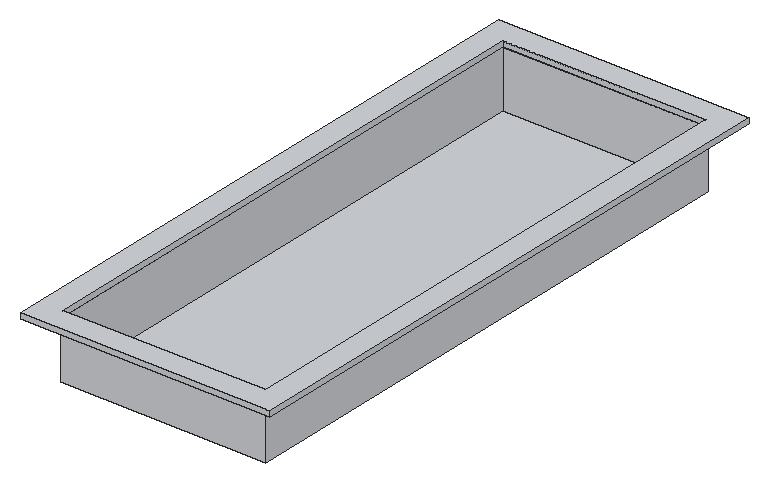
Revit family "Hager-VOLTA-Hollow_wall-Other-Without_Cover-Without_DIN-Hosted-PL-en", category Electrical Equipment, host Face, Revit 2023
Family settings
  Host = Face
  Panel Configuration = Two Columns, Circuits Across
  Round Connector Dimension = Use Diameter
  Part Type = Panelboard
  Cut with Voids When Loaded = No
  Maintain Annotation Orientation = Yes
  Shared = No
  Room Calculation Point = No
Parameters (values of type "VOLTA-Hollow_wall_W348_H880_D98_12_Modular_Spacing-VH60NK")
  Width Control [instance] = if([HG000006-Flush mounted], if([EF000846 - Built-in width] > min_whd, [EF000846 - Built-in width], min_whd), if([EF000008 - Width] > min_whd, ([EF000008 - Width]), min_whd))  # 314 mm
  Void Depth [instance] = if([HG000006-Flush mounted], Depth Control, 1 mm)  # 90 mm
  Uniformat code = "D501001"
  Uniformat = "Low Tension Service & Dist."
  HG000131 - Functional label [instance] = ""
  HG000130 - Functional name [instance] = ""
  HG000099-Onfly Template ID = "507532"
  Type Comments = ""
  System Height [instance] = Height Control - 2 * [HG000005-Thickness]  # 842 mm
  Reference description = ""
  Reference = "VOLTA-Hollow_wall_W348_H880_D98_12_Modular_Spacing-VH60NK"
  Object type = ""
  Name hager = "ADD_Enclosures_EC000214"
  Name BIM&CO = "Electricity"
  Name = "VOLTA-Hollow_wall-Other-Without_Cover-Without_DIN-PL"
  Model = ""
  HGEF002950-Width in number of modular spacings = 12
  HGEF000266-Number of rows = 5
  HG000060-RAL-number = "9010"
  HG000059-Operating voltage [instance] = 230 V
  HG000017-Distance between poles = 18 mm
  HG000016-Door 3D visibility = yes
  HG000015-Clearance visibility = yes
  HG000014-Door on the right = yes
  HG000013-Door on the left = not([HG000014-Door on the right])  # no
  HG000012-Door swing angle = 90.00°
  HG000011-Empty rows from bottom = no
  HG000010-Asymmetric doors = no
  HG000009-Double swing door = no
  HG000008-Number of empty rows = 0
  HG000007-Number of empty columns = 0
  HG000006-Flush mounted = yes
  HG000005-Thickness = 2 mm
  HG000004-Manufacturer reference = "VH60NK"
  HG000003-Range = "VOLTA"
  HG000002-With door or cover = no
  HG000001-Number of columns = 0
  GTIN (Global Trade Item Number) = ""
  ETIM class name = "Small distribution board"
  ETIM class code = "EC000214"
  EF015941 - Signal passing door = no
  EF015777 - Neutral terminal block = no
  EF015776 - Earthing terminal block = no
  EF009212 - Cover model = ""
  EF006306 - With lock = no
  EF006244 - Transparent cover/door = no
  EF005474 - Degree of protection (IP) = "Other"
  EF004464 - Type of door = ""
  EF004462 - Type of closure = "Other"
  EF002950 - Width in number of modular spacings = 12
  EF001596 - Housing material = ""
  EF001134 - DIN-rail = no
  EF001131 - Inner depth = 0 mm
  EF001088 - Extension possible = yes
  EF001062 - EMC-version = no
  EF000846 - Built-in width = 314 mm
  EF000339 - Type of covering = ""
  EF000332 - Built-in height = 846 mm
  EF000266 - Number of rows = 5
  EF000218 - Built-in depth = 90 mm
  EF000118 - With mounting plate = no
  EF000116 - RAL-number = 9010
  EF000049 - Depth = 98 mm
  EF000040 - Height = 880 mm
  EF000024 - UV resistant = no
  EF000008 - Width = 348 mm
  EF000007 - Colour = "White"
  EF000003 - Mounting method = "Hollow wall"
  Creation Date = "12/15/2025 21:47:46"
  Code hager = "ADD-EC000214_EU"
  BIM&CO code = ""
  BC_VARIANT_ID = "1174402"
  BC_OBJECT_VERSION = "#5"  # constant formula
  BC_OBJECT_ID = "513500"  # constant formula
  BC_MODEL_ID = "1547254"  # constant formula
  Arrow Offset [instance] = Depth Control / 8  # 11.25 mm
  Arrow Height [instance] = Depth Control - Arrow Offset  # 78.75 mm
  Host Offset [instance] = if([HG000006-Flush mounted], 0 mm, [EF000049 - Depth])  # 0 mm
  min_whd [instance] = (2 * [HG000005-Thickness]) + 1 mm  # 5 mm
  Manufacturer = "Hager"  # constant formula
  Height Control [instance] = if([HG000006-Flush mounted], if([EF000332 - Built-in height] > min_whd, [EF000332 - Built-in height], min_whd), if([EF000040 - Height] > min_whd, ([EF000040 - Height]), min_whd))  # 846 mm
  Flush Mounted - Door Frame Width [instance] = if(([EF000040 - Height] - [EF000332 - Built-in height]) > 0 mm, if([HG000006-Flush mounted], [EF000040 - Height] - [EF000332 - Built-in height], 0 mm), 0 mm)  # 34 mm
  Depth Control [instance] = if([HG000006-Flush mounted], if([EF000218 - Built-in depth] > 0 mm, [EF000218 - Built-in depth], 1 mm), if([EF000049 - Depth] > 0 mm, ([EF000049 - Depth]), 1 mm))  # 90 mm
  Default Elevation = 0 mm
Types (5, lengths in mm): name | System Height | Reference | HGEF000266-Number of rows | HG000004-Manufacturer reference | EF009212 - Cover model | EF004462 - Type of closure | EF001062 - EMC-version | EF000332 - Built-in height | EF000266 - Number of rows | EF000049 - Depth | EF000040 - Height | EF000008 - Width | BC_VARIANT_ID | Height Control | Flush Mounted - Door Frame Width
  VOLTA-Hollow_wall_W330_H355_D94_12_Modular_Spacing-VH12NK | 342 | "VOLTA-Hollow_wall_W330_H355_D94_12_Modular_Spacing-VH12NK" | 1 | "VH12NK" | "Closed" | "" | yes | 346 | 1 | 94 | 355 | 330 | "1174398" | 346 | 9
  VOLTA-Hollow_wall_W348_H505_D98_12_Modular_Spacing-VH24NK | 467 | "VOLTA-Hollow_wall_W348_H505_D98_12_Modular_Spacing-VH24NK" | 2 | "VH24NK" | "" | "Other" | no | 471 | 2 | 98 | 505 | 348 | "1174399" | 471 | 34
  VOLTA-Hollow_wall_W348_H630_D98_12_Modular_Spacing-VH36NK | 592 | "VOLTA-Hollow_wall_W348_H630_D98_12_Modular_Spacing-VH36NK" | 3 | "VH36NK" | "" | "Other" | no | 596 | 3 | 98 | 630 | 348 | "1174400" | 596 | 34
  VOLTA-Hollow_wall_W348_H755_D98_12_Modular_Spacing-VH48NK | 717 | "VOLTA-Hollow_wall_W348_H755_D98_12_Modular_Spacing-VH48NK" | 4 | "VH48NK" | "" | "Other" | no | 721 | 4 | 98 | 755 | 348 | "1174401" | 721 | 34
  VOLTA-Hollow_wall_W348_H880_D98_12_Modular_Spacing-VH60NK | 842 | "VOLTA-Hollow_wall_W348_H880_D98_12_Modular_Spacing-VH60NK" | 5 | "VH60NK" | "" | "Other" | no | 846 | 5 | 98 | 880 | 348 | "1174402" | 846 | 34
Reference planes
  plane 1 "Center (Front/Back)": y = 0
  plane 2: z = 0
  plane 3 "Center (Left/Right)": x = 0
  plane 4: z = 0
  plane 5: y = 36
  plane 6: z = -5
  plane 7: y = 457
  plane 8: y = 34
  plane 9: y = 880
  plane 10: z = -90
  plane 11: x = -157
  plane 12: x = 157
  plane 13: x = 155
  plane 14: x = -155
  plane 15: y = 878
  plane 16: z = -88
  plane 17: z = -2
  plane 18: z = -90
  plane 19: z = -2
  plane 20 "Annotation H": y = -100
  plane 21 "Annotation V": x = 457
Forms (mm)
  Extrusion 1, solid
    sketch origin (-583.045, 34, 1219.2) x (-1, 0, 0) y (0, 0, 1)
      loop
        line (-426.045, -1219.2) -> (-740.045, -1219.2) -> (-740.045, -1309.2) -> (-426.045, -1309.2) -> (-426.045, -1219.2)
    from 0 to 846 <- "Height Control"
  Extrusion 2, void
    sketch origin (-381.607, -4572, 0) x (0, -1, 0) y (-1, 0, 0)
      loop
        line (-5450, -226.607) -> (-5450, -536.607) -> (-4608, -536.607) -> (-4608, -226.607) -> (-5450, -226.607)
    from 0 to 88
  Extrusion 3, void
    sketch origin (0, 0, 0) x (1, 0, 0) y (0, 1, 0)
      loop
        line (-157, 34) -> (157, 34) -> (157, 880) -> (-157, 880) -> (-157, 34)
    from -90 to 1
  Extrusion 4, solid, detail levels coarse+medium
    sketch origin (-381.607, -4572, 0) x (-1, 0, 0) y (0, -1, 0)
      loop
        line (-226.607, -5450) -> (-226.607, -4608) -> (-536.607, -4608) -> (-536.607, -5450) -> (-226.607, -5450)
    from 0 to -2
Cuts and joins
  Extrusion 2 cuts Extrusion 1
Dimensions and locks
  plane 4 to plane 6 = 5 mm
  "Host Offset": plane 4 to host face
  "Flush Mounted - Door Frame Width": plane 1 "Center (Front/Back)" to plane 8
  "HG000005-Thickness": plane 5 to plane 8
  locked: connector elem to plane 3 "Center (Left/Right)"
  "Height Control": plane 9 to plane 8
  equal spacing: plane 9, plane 7, plane 8
  locked: connector elem to plane 7
  "Depth Control": plane 4 to plane 10
  "HG000005-Thickness": plane 11 to plane 14
  "HG000005-Thickness": plane 12 to plane 13
  equal spacing: plane 11, plane 3 "Center (Left/Right)", plane 12
  "Width Control": plane 11 to plane 12
  "Arrow Offset": nested 4 to plane 10
  "HG000005-Thickness": plane 9 to plane 15
  "HG000005-Thickness": plane 16 to plane 10
  "HG000005-Thickness": plane 4 to plane 17
  "Void Depth": plane 2 to plane 18
  "HG000005-Thickness": plane 4 to plane 19
  locked: plane 20 "Annotation H" to plane 1 "Center (Front/Back)" at 100
  locked: plane 12 to plane 21 "Annotation V" at 300
  aligned and locked: plane 2 to host face
  aligned and locked: level to host face
  aligned and locked: plane 3 "Center (Left/Right)" to nested 2
  aligned and locked: plane 4 to nested 2
  aligned and locked: nested 2 to plane 8
  aligned and locked: nested 1 to plane 6
  aligned and locked: plane 5 to nested 1
  aligned and locked: nested 4 to plane 11
  aligned and locked: nested 3 to plane 4
  aligned and locked: Extrusion 1 sketch curve to plane 12
  aligned and locked: Extrusion 1 sketch curve to plane 11
  aligned and locked: nested 3 to plane 10
  aligned and locked: plane 10 to Extrusion 1 sketch curve
  aligned and locked: plane 5 to Extrusion 2 sketch curve
  aligned and locked: Extrusion 2 sketch curve to plane 15
  aligned and locked: Extrusion 2 sketch curve to plane 14
  aligned and locked: Extrusion 2 sketch curve to plane 13
  aligned and locked: plane 11 to Extrusion 3 sketch curve
  aligned and locked: plane 9 to Extrusion 3 sketch curve
  aligned and locked: Extrusion 3 sketch curve to plane 8
  aligned and locked: plane 12 to Extrusion 3 sketch curve
  aligned and locked: nested 3 to plane 12
  aligned and locked: Extrusion 3 to plane 18
  aligned and locked: Extrusion 2 to plane 16
  aligned and locked: Extrusion 1 sketch curve to plane 4
  aligned and locked: Extrusion 4 to plane 17
  aligned and locked: Extrusion 4 sketch curve to plane 15
  aligned and locked: Extrusion 4 sketch curve to plane 13
  aligned and locked: Extrusion 4 sketch curve to plane 14
  aligned and locked: plane 5 to Extrusion 4 sketch curve
  aligned and locked: nested 5 to plane 21 "Annotation V"
  aligned and locked: plane 20 "Annotation H" to nested 5
Automatic sketch dimensions
  host sketch curve to host sketch curve = 1469.727 mm
  host sketch curve to host sketch curve = 1434.803 mm
Nested families
  nested 1: "Hager_Enclosure_System" at (0, 36, -5) x (1, 0, 0) z (0, 1, 0), Depth <- "HG000005-Thickness", Height <- "System Height", Border <- "HG000005-Thickness", Flush_Mounted <- "HG000006-Flush mounted", Row_Module_Multiplicator <- "HGEF002950-Width in number of modular spacings", Total_No_Empty_Rows <- "HG000008-Number of empty rows", Total_No_Rows <- "HGEF000266-Number of rows", Empty_Columns <- "HG000007-Number of empty columns", Width_Control <- "Width Control", Empty_Rows_From_Bottom <- "HG000011-Empty rows from bottom", Distance_Between_Poles <- "HG000017-Distance between poles", Rows_Count <- "HGEF000266-Number of rows", Columns_Count <- "HG000001-Number of columns", Built-in_Width <- "EF000846 - Built-in width", Width <- "EF000008 - Width", type "Hager_Enclosure_System", detail levels fine
    with Width_Control 314 mm, Width 348 mm, Total_No_Rows 5, Total_No_Empty_Rows 0, Total_No_Columns 1, System_Width 310 mm, Rows_Count 5, Rows_Column 5, Row_Module_Multiplicator 12, Panel_4 no, Panel_3 no, Panel_2 no, Panel_1 no, No_Panels_Ctrl 1, Hide_Columns yes, Height 842 mm, Flush_Mounted yes, Empty_Rows_From_Bottom no, Empty_Rows_Column 0, Empty_Columns 0, Empty column 4 0, Empty column 3 0, Empty column 2 0, Empty column 1 0, Distance_Between_Poles 18 mm, Depth 2 mm, Columns_Count 0, Column_Width 310 mm, Built-in_Width 314 mm, Border 2 mm
  nested 2: "Hager_Enclosure_Door" at (0, 34, 0) x (1, 0, 0) z (0, 1, 0), Border <- "HG000005-Thickness", Door_Right <- "HG000014-Door on the right", Flush_Mounted <- "HG000006-Flush mounted", Door_Left <- "HG000013-Door on the left", 3d_Door <- "HG000016-Door 3D visibility", Angle <- "HG000012-Door swing angle", Assymetrical <- "HG000010-Asymmetric doors", Double <- "HG000009-Double swing door", Clearance <- "HG000015-Clearance visibility", Door <- "HG000002-With door or cover", Height_Ctrl <- "Height Control", Width_Ctrl <- "Width Control", BuiltIn_Depth <- "EF000218 - Built-in depth", Depth <- "EF000049 - Depth", BuiltIn_Width <- "EF000846 - Built-in width", Height <- "EF000040 - Height", BuiltIn_Height <- "EF000332 - Built-in height", Width <- "EF000008 - Width", Transparent <- "EF006244 - Transparent cover/door", type "Hager_Enclosure_Door", detail levels medium+fine
    with min_wh 5 mm, Width_Ctrl 314 mm, Width 348 mm, Transparent_Door_No_Bottom_Border no, Transparent no, Leaf_Width 307 mm, Leaf_Tolerance 1.5 mm, Leaf_Height 839 mm, Leaf_2_Width 307 mm, Leaf_2_Offset 153.5 mm, Leaf_1_Width 307 mm, Leaf_1_Offset 153.5 mm, Height_Ctrl 846 mm, Height 880 mm, Frame_Width_Ctrl 34 mm, Frame_Width 34 mm, Frame_Internal_Offset 2 mm, Frame_Height_Ctrl 34 mm, Frame_Height 34 mm, Frame_Depth_Ctrl 8 mm, Frame_Depth 8 mm, Flush_Mounted yes, Double_Clearance_Ctrl no, Double no, Door_Right_Ctrl no, Door_Right yes, Door_Left_Ctrl no, Door_Left no, Door no, Depth 98 mm, Clearance_Depth 307 mm, Clearance_Ctrl yes, Clearance yes, BuiltIn_Width 314 mm, BuiltIn_Height 846 mm, BuiltIn_Depth 90 mm, Border 2 mm, Assymetrical no, Angle 90.00°, 3d_Door yes
  nested 3: "Hager_Enclosure_Symbol_Triangle" at (-157, 0, -90) x (1, 0, 0) z (0, -1, 0), Depth <- "Depth Control", Width <- "Width Control", type "Hager_Enclosure_Symbol_Triangle"
    with Width_Ctrl 314 mm, Width 314 mm, Depth_Ctrl 90 mm, Depth 90 mm
  nested 4: "Hager_Enclosure_Symbol_Arrow" at (-157, 0, -78.75) x (1, 0, 0) z (0, -1, 0), Height <- "Arrow Height", type "Hager_Enclosure_Symbol_Arrow"
    with Width_Inside 5.906 mm, Width 70.875 mm, Height_Ctrl 78.75 mm, Height 78.75 mm
  nested 5: "Hager_Annotation-HG000130" at (457, -100, 0) x (-1, 0, 0) z (0, 0, 1), HG000130 - Functional name <- "HG000130 - Functional name", type "Hager_Annotation-HG000130"
    with HG000130 - Functional name ""
Connectors
  electrical at (0, 457, -90)
    settings: on plane 10, index 1, voltage 0 V, apparent load 0 VA, apparent load phase1 0 VA, apparent load phase2 0 VA, apparent load phase3 0 VA, power factor 1, load classification "Other", number of poles 1, system type 30, power factor state 1, is connector primary yes, connector utility no, sub classification motor no, connector description ""
Definition of nested family "Hager_Enclosure_Door"
  Parameters (values of type "Hager_Enclosure_Door")
    min_wh [instance] = (2 * Border) + 1 mm  # 11 mm
    Width_Ctrl [instance] = 400 mm
    Width [instance] = 500 mm
    Transparent_Door_No_Bottom_Border [instance] = no
    Transparent [instance] = yes
    Leaf_Width [instance] = if((Width_Ctrl - 2 * Border - 2 * Leaf_Tolerance) > 0 mm, (Width_Ctrl - 2 * Border - 2 * Leaf_Tolerance), min_wh)  # 387 mm
    Leaf_Tolerance [instance] = 1.5 mm  # constant formula
    Leaf_Height [instance] = if((Height_Ctrl - 2 * Border - 2 * Leaf_Tolerance) > 0 mm, (Height_Ctrl - 2 * Border - 2 * Leaf_Tolerance), min_wh)  # 387 mm
    Leaf_2_Width [instance] = if(and(and(Double, Assymetrical), Door_Left), (Leaf_Width / 3) - (Leaf_Tolerance / 2), if(and(and(Double, Assymetrical), Door_Right), (Leaf_Width / 3) * 2 - (Leaf_Tolerance / 2), if(and(Double, not(Assymetrical)), (Leaf_Width / 2) - Leaf_Tolerance, Leaf_Width)))  # 387 mm
    Leaf_2_Offset [instance] = if(and(Double, Assymetrical), Leaf_2_Width / 2, if(and(Double, not(Assymetrical)), Leaf_Width / 4, Leaf_Width / 2))  # 193.5 mm
    Leaf_1_Width [instance] = if(and(and(Double, Assymetrical), Door_Right), (Leaf_Width / 3) - (Leaf_Tolerance / 2), if(and(and(Double, Assymetrical), Door_Left), (Width / 3) * 2 - (Leaf_Tolerance / 2), if(and(Double, not(Assymetrical)), (Leaf_Width / 2) - Leaf_Tolerance, Leaf_Width)))  # 387 mm
    Leaf_1_Offset [instance] = if(and(Double, Assymetrical), Leaf_1_Width / 2, if(and(Double, not(Assymetrical)), Leaf_Width / 4, Leaf_Width / 2))  # 193.5 mm
    Height_Ctrl [instance] = 400 mm
    Height [instance] = 500 mm
    Frame_Width_Ctrl [instance] = if(Frame_Width > 0 mm, Frame_Width, 1 mm)  # 1 mm
    Frame_Width [instance] = Width - BuiltIn_Width  # 0 mm
    Frame_Internal_Offset [instance] = if(Flush_Mounted, Border, 0 mm)  # 5 mm
    Frame_Height_Ctrl [instance] = if(Frame_Height > 0 mm, Frame_Height, 1 mm)  # 1 mm
    Frame_Height [instance] = Height - BuiltIn_Height  # 0 mm
    Frame_Depth_Ctrl [instance] = if(Frame_Depth > 0 mm, Frame_Depth, 1 mm)  # 1 mm
    Frame_Depth [instance] = if(Depth - BuiltIn_Depth > 0 mm, if(Flush_Mounted, Depth - BuiltIn_Depth, 0 mm), 0 mm)  # 0 mm
    Flush_Mounted [instance] = yes
    Double_Clearance_Ctrl [instance] = and(Double, Clearance)  # no
    Double [instance] = no
    Door_Right_Ctrl [instance] = and(or(Door_Right, Double), Door)  # yes
    Door_Right [instance] = yes
    Door_Left_Ctrl [instance] = and(or(Door_Left, Double), Door)  # no
    Door_Left [instance] = no
    Door [instance] = yes
    Depth [instance] = 500 mm
    Default Elevation = 1219.2 mm
    Clearance_Material = none
    Clearance_Depth [instance] = if(Leaf_1_Width > Leaf_2_Width, Leaf_1_Width, Leaf_2_Width)  # 387 mm
    Clearance_Ctrl [instance] = and(not(Double), Clearance)  # yes
    Clearance [instance] = yes
    BuiltIn_Width [instance] = 500 mm
    BuiltIn_Height [instance] = 500 mm
    BuiltIn_Depth [instance] = 500 mm
    Border [instance] = 5 mm
    Assymetrical [instance] = yes
    Angle [instance] = 30.00°
    3d_Door [instance] = yes
  Reference planes
    plane 1 "Center (Front/Back)": y = 0
    plane 2 "Bottom": z = 0
    plane 3 "Center (Left/Right)": x = 0
    plane 4: z = 400
    plane 5: x = -200
    plane 6: x = 200
    plane 7: z = 395
    plane 8: x = -195
    plane 9: z = 5
    plane 10: x = 195
    plane 11: y = 0
    plane 12: z = 6.5
    plane 13: x = -582
    plane 14: y = -387
    plane 15: x = 582
    plane 16: x = 0
    plane 17: x = 0
    plane 18: x = -193.5
    plane 19: x = 193.5
    plane 20: z = 393.5
  Forms (mm)
    Extrusion 1, solid, visible <- "Flush_Mounted"
      sketch origin (0, 0, 0) x (1, 0, 0) y (0, 0, 1)
        loop
          line (195, 5) -> (195, 395) -> (-195, 395) -> (-195, 5) -> (195, 5)
        loop
          line (-201, 401) -> (-201, -1) -> (201, -1) -> (201, 401) -> (-201, 401)
      from 0 to 1 <- "Frame_Depth_Ctrl"
    Extrusion 2, solid, material <- "Clearance_Material", visible <- "Double_Clearance_Ctrl"
      sketch origin (1200, 0, 0) x (1, 0, 0) y (0, 0, -1)
        loop
          line (-1782, -393.5) -> (-618, -393.5) -> (-618, 0) -> (-1782, 0) -> (-1782, -393.5)
      from 0 to -387
  Dimensions and locks
    equal spacing: plane 5, plane 3 "Center (Left/Right)", plane 6
    "Width_Ctrl": plane 5 to plane 6
    "Border": plane 5 to plane 8
    "Border": plane 6 to plane 10
    "Border": plane 9 to level
    "Border": plane 4 to plane 7
    "Height_Ctrl": plane 4 to level
    "Leaf_Tolerance": plane 12 to plane 9
    "Frame_Depth": plane 11 to plane 1 "Center (Front/Back)"
    "Frame_Width_Ctrl": plane 5 to Extrusion 1 sketch curve
    "Frame_Width_Ctrl": plane 6 to Extrusion 1 sketch curve
    "Frame_Width_Ctrl": Extrusion 1 sketch curve to plane 4
    "Frame_Width_Ctrl": plane 2 "Bottom" to Extrusion 1 sketch curve
    "Leaf_1_Offset": plane 18 to plane 16
    "Leaf_2_Offset": plane 17 to plane 19
    "Leaf_1_Width": plane 13 to plane 8
    "Leaf_2_Width": plane 10 to plane 15
    "Clearance_Depth": plane 14 to plane 1 "Center (Front/Back)"
    "Leaf_Tolerance": plane 8 to plane 18
    "Leaf_Tolerance": plane 19 to plane 10
    "Leaf_Tolerance": plane 7 to plane 20
    "Frame_Internal_Offset": plane 5 to Extrusion 1 sketch curve
    "Frame_Internal_Offset": Extrusion 1 sketch curve to plane 2 "Bottom"
    "Frame_Internal_Offset": plane 6 to Extrusion 1 sketch curve
    "Frame_Internal_Offset": plane 4 to Extrusion 1 sketch curve
    aligned and locked: level to plane 2 "Bottom"
    aligned and locked: nested 1 to plane 16
    aligned and locked: nested 2 to plane 17
    aligned and locked: Extrusion 2 to plane 13
    aligned and locked: plane 15 to Extrusion 2
    aligned and locked: Extrusion 2 to plane 14
    aligned and locked: plane 12 to nested 1
    aligned and locked: nested 2 to plane 12
    aligned and locked: Extrusion 2 to plane 11
    aligned and locked: plane 20 to Extrusion 2
    aligned and locked: nested 2 to plane 11
    aligned and locked: nested 1 to plane 11
  Automatic sketch dimensions
    Extrusion 2 sketch curve to level = 0 mm
    plane 5 to Extrusion 2 sketch curve = 382 mm
    plane 6 to Extrusion 2 sketch curve = 382 mm
    Extrusion 2 sketch curve to plane 4 = 6.5 mm
  Nested families
    nested 1: "Hager_Enclosure_Door_Leaf" at (0, 0, 6.5), Width <- "Leaf_1_Width", visible <- "Door_Left_Ctrl", Leaf_Height <- "Leaf_Height", Angle <- "Angle", Depth <- "Border", 3d_Door <- "3d_Door", Transparent <- "Transparent", Clearance Material <- "Clearance_Material", Clearance <- "Clearance_Ctrl", Transparent_Door_No_Bottom_Border <- "Transparent_Door_No_Bottom_Border", type "Hager_Enclosure_Door_Leaf"
      with Width 387 mm, Transparent_Door_No_Bottom_Border no, Transparent_Door_Border_Bottom_Top 25 mm, Transparent_Door_Border 25 mm, Transparent_Ctrl yes, Transparent yes, Standard no, Leaf_Height 387 mm, Glass_Offset 1 mm, Depth 5 mm, Clearance Material none, Clearance yes, Angle_Ctrl 30.00°, Angle 30.00°, 3d_Door yes
    nested 2: "Hager_Enclosure_Door_Leaf" at (0, 0, 6.5) x (-1, 0, 0) z (0, 0, 1), Width <- "Leaf_2_Width", visible <- "Door_Right_Ctrl", Leaf_Height <- "Leaf_Height", Angle <- "Angle", Depth <- "Border", 3d_Door <- "3d_Door", Transparent <- "Transparent", Clearance Material <- "Clearance_Material", Clearance <- "Clearance_Ctrl", Transparent_Door_No_Bottom_Border <- "Transparent_Door_No_Bottom_Border", type "Hager_Enclosure_Door_Leaf"
      with Width 387 mm, Transparent_Door_No_Bottom_Border no, Transparent_Door_Border_Bottom_Top 25 mm, Transparent_Door_Border 25 mm, Transparent_Ctrl yes, Transparent yes, Standard no, Leaf_Height 387 mm, Glass_Offset 1 mm, Depth 5 mm, Clearance Material none, Clearance yes, Angle_Ctrl 30.00°, Angle 30.00°, 3d_Door yes
  Definition of nested family "Hager_Enclosure_Door_Leaf"
    Parameters (values of type "Hager_Enclosure_Door_Leaf")
      Width [instance] = 2000 mm
      Transparent_Door_No_Bottom_Border [instance] = yes
      Transparent_Door_Border_Bottom_Top [instance] = if(Transparent_Door_No_Bottom_Border, 0.1 mm, Transparent_Door_Border)  # 0.1 mm
      Transparent_Door_Border [instance] = if(Transparent_Door_No_Bottom_Border, (Width * 0.12), 25 mm)  # 240 mm
      Transparent_Ctrl [instance] = and(Transparent, [3d_Door])  # yes
      Transparent [instance] = yes
      Standard [instance] = and(not(Transparent), [3d_Door])  # no
      Leaf_Height [instance] = 2720.336 mm
      Glass_Offset [instance] = if((Depth - 10 mm) / 2 > 0 mm, (Depth - 10 mm) / 2, 1 mm)  # 15 mm
      Glass_Material = none
      Depth [instance] = 40 mm
      Default Elevation = 0 mm
      Clearance Material [instance] = none
      Clearance [instance] = yes
      Angle_Ctrl [instance] = if(Angle > 170.00°, 170.00°, Angle)  # 45.00°
      Angle [instance] = 45.00°
      3d_Door [instance] = yes
    Reference planes
      plane 1 "Center (Front/Back)": y = 0
      plane 2: z = 0
      plane 3 "Center (Left/Right)": x = 0
      plane 4: y = 2000
      plane 5: x = -1000
      plane 6: x = 1000
      plane 7: x = -3000
      plane 8: z = 2720.336
      plane 9: z = 0.1
      plane 10: z = 2720.236
      plane 11: x = 760
      plane 12: x = -760
    Forms (mm)
      Extrusion 1, solid, material <- "Clearance Material", visible <- "Clearance"
        sketch origin (0, 0, 0) x (1, 0, 0) y (0, 0, 1)
          loop
            line (-3000, 2720.336) -> (-3000, 0) -> (1000, 0) -> (1000, 2720.336) -> (-3000, 2720.336)
        from 0 to -2000
      Extrusion 2, solid, visible <- "Standard", detail levels medium+fine
        sketch origin (-1000, 0, 0) x (0.707107, 0.707107, 0) y (-0.707107, 0.707107, 0)
          loop
            line (0, -40) -> (2000, -40) -> (2000, 0) -> (0, 0) -> (0, -40)
        from 0 to 2720.336 <- "Leaf_Height"
      Extrusion 3, solid, visible <- "Transparent_Ctrl", detail levels medium+fine
        sketch origin (-1000, 0, 0) x (0.707107, 0.707107, 0) y (-0.707107, 0.707107, 0)
          loop
            line (0, -40) -> (2000, -40) -> (2000, 0) -> (0, 0) -> (0, -40)
        from 0 to 2720.336 <- "Leaf_Height"
      Extrusion 4, void, detail levels medium+fine
        sketch origin (-1000, 0, 0) x (-0.707107, 0.707107, 0) y (0.707107, 0.707107, 0)
          loop
            line (0, 240) -> (0, 1760) -> (-40, 1760) -> (-40, 240) -> (0, 240)
        from -2720.236 to -0.1
      Extrusion 5, solid, material <- "Glass_Material", visible <- "Transparent_Ctrl", detail levels medium+fine
        sketch origin (-1000, 0, 0) x (0.707107, 0.707107, 0) y (-0.707107, 0.707107, 0)
          loop
            line (240, -15) -> (240, -25) -> (1760, -25) -> (1760, -15) -> (240, -15)
        from 0.1 to 2720.236
    Cuts and joins
      Extrusion 4 cuts Extrusion 3
    Lines and regions (mm)
      symbolic lines
        curve 1: line (1000, 0, 0) -> (-3000, 0, 0)
        curve 2: arc (1000, 0, 0) -> (-1000, 2000, 0) -> (-3000, 0, 0) r 2000
        curve 4: line (-1000, 0, 0) -> (414.214, 1414.214, 0)
      reference lines
        curve 3: line (-1000, 0, 0) -> (414.214, 1414.214, 0)
      symbolic lines, detail levels medium+fine
        curve 5: line (414.214, 1414.214, 0) -> (442.498, 1385.929, 0)
        curve 6: line (442.498, 1385.929, 0) -> (-971.716, -28.284, 0)
        curve 7: line (-971.716, -28.284, 0) -> (-1000, 0, 0)
        curve 8: line (-1000, 0, 2720.336) -> (1000, 0, 2720.336)
        curve 9: line (-1000, 0, 0) -> (-1000, 0, 2720.336)
        curve 10: line (1000, 0, 0) -> (-1000, 0, 0)
        curve 11: line (1000, 0, 2720.336) -> (1000, 0, 0)
      symbolic lines, visible <- "Transparent_Ctrl", detail levels medium+fine
        curve 12: line (-760, 0, 2720.236) -> (760, 0, 2720.236)
        curve 13: line (-760, 0, 0.1) -> (-760, 0, 2720.236)
        curve 14: line (760, 0, 0.1) -> (-760, 0, 0.1)
        curve 15: line (760, 0, 2720.236) -> (760, 0, 0.1)
    Dimensions and locks
      "Width": plane 1 "Center (Front/Back)" to plane 4
      equal spacing: plane 5, plane 3 "Center (Left/Right)", plane 6
      "Width": plane 5 to plane 6
      "Width": plane 7 to plane 5
      "Leaf_Height": plane 8 to level
      "Depth": curve 6 to curve 3
      "Width": curve 5 to curve 3
      "Width": curve 3 to curve 3
      "Transparent_Door_Border": Extrusion 4 sketch curve to curve 7
      "Transparent_Door_Border": Extrusion 4 sketch curve to curve 5
      "Transparent_Door_Border_Bottom_Top": plane 8 to plane 10
      "Transparent_Door_Border_Bottom_Top": plane 9 to level
      "Glass_Offset": Extrusion 5 sketch curve to curve 4
      "Glass_Offset": Extrusion 5 sketch curve to curve 6
      "Transparent_Door_Border": Extrusion 5 sketch curve to curve 5
      "Transparent_Door_Border": Extrusion 5 sketch curve to curve 7
      "Transparent_Door_Border": plane 12 to plane 5
      "Transparent_Door_Border": plane 6 to plane 11
      "Angle_Ctrl": angle plane 1 "Center (Front/Back)" to curve 3
      aligned and locked: level to plane 2
      aligned and locked: Extrusion 1 to curve 1
      aligned and locked: plane 6 to Extrusion 1
      aligned and locked: Extrusion 1 to plane 1 "Center (Front/Back)"
      aligned and locked: plane 4 to Extrusion 1
      aligned and locked: plane 8 to Extrusion 1
      aligned and locked: curve 4 to curve 3
      aligned and locked: Extrusion 2 sketch curve to curve 7
      aligned and locked: Extrusion 2 sketch curve to curve 6
      aligned and locked: Extrusion 2 sketch curve to curve 5
      aligned and locked: Extrusion 2 sketch curve to curve 3
      aligned and locked: curve 7 to Extrusion 3 sketch curve
      aligned and locked: Extrusion 3 sketch curve to curve 4
      aligned and locked: Extrusion 3 sketch curve to curve 6
      aligned and locked: Extrusion 3 sketch curve to curve 5
      aligned and locked: curve 4 to Extrusion 4 sketch curve
      aligned and locked: curve 6 to Extrusion 4 sketch curve
      aligned and locked: Extrusion 4 to plane 9
      aligned and locked: Extrusion 4 to plane 10
      aligned and locked: Extrusion 5 to plane 9
      aligned and locked: Extrusion 5 to plane 10
      aligned and locked: curve 8 to plane 8
      aligned and locked: plane 5 to curve 9
      aligned and locked: plane 2 to curve 10
      aligned and locked: curve 11 to plane 6
      aligned and locked: plane 10 to curve 12
      aligned and locked: plane 12 to curve 13
      aligned and locked: curve 14 to plane 9
      aligned and locked: plane 11 to curve 15
    Automatic sketch dimensions
      plane 1 "Center (Front/Back)" to curve 2 = 0 mm
      curve 2 to plane 5 = 0 mm
      Extrusion 1 sketch curve to level = 0 mm
      Extrusion 1 sketch curve to plane 7 = 0 mm
      Extrusion 1 sketch curve to plane 6 = 0 mm
      Extrusion 1 sketch curve to plane 8 = 0 mm
      plane 1 "Center (Front/Back)" to curve 3 = 0 mm
      curve 3 to plane 5 = 0 mm
      curve 7 to curve 3 = 0 mm
Definition of nested family "Hager_Enclosure_Symbol_Triangle"
  Parameters (values of type "Hager_Enclosure_Symbol_Triangle")
    Width_Ctrl [instance] = if(Width > 1 mm, Width, 1 mm)  # 498 mm
    Width [instance] = 498 mm
    Depth_Ctrl [instance] = if(Depth > 1 mm, Depth, 1 mm)  # 72 mm
    Depth [instance] = 72 mm
  Reference planes
    plane 1 "Centre (avant/arrière)": y = 0
    plane 2: z = 0
    plane 3 "Centre (gauche/droite)": x = 0
  Lines and regions (mm)
    Filled region 1, type "Solid_Black", in view "Niveau de réf."
      outline origin (0, 0, 0) x (1, 0, 0) y (0, 1, 0)
        loop
          line (0, 0) -> (498, 0) -> (498, 72) -> (0, 0)
    reference lines, in view "Niveau de réf."
      curve 1: line (-206.153, 72, 0) -> (1083.258, 72, 0)
      curve 2: line (498, 405.456, 0) -> (498, -517.619, 0)
  Dimensions and locks
    "Depth_Ctrl": plane 1 "Centre (avant/arrière)" to curve 1
    "Width_Ctrl": plane 3 "Centre (gauche/droite)" to curve 2
    aligned and locked: curve 1 to Filled region 1 sketch curve
    aligned and locked: Filled region 1 sketch curve to plane 1 "Centre (avant/arrière)"
    aligned and locked: curve 2 to Filled region 1 sketch curve
    aligned and locked: plane 3 "Centre (gauche/droite)" to Filled region 1 sketch curve
    aligned and locked: plane 1 "Centre (avant/arrière)" to Filled region 1 sketch curve
  Automatic sketch dimensions
    curve 1 to plane 3 "Centre (gauche/droite)" = 206.153 mm
    curve 2 to curve 1 = 585.258 mm
    plane 1 "Centre (avant/arrière)" to curve 2 = 517.619 mm
    curve 2 to plane 1 "Centre (avant/arrière)" = 405.456 mm
Definition of nested family "Hager_Enclosure_Symbol_Arrow"
  Parameters (values of type "Hager_Enclosure_Symbol_Arrow")
    Width_Inside [instance] = if(Width / 12 > 2 mm, Width / 12, 2 mm)  # 4.987 mm
    Width [instance] = if(Height_Ctrl * 0.9 > 2 mm, Height_Ctrl * 0.9, 2 mm)  # 59.85 mm
    Height_Ctrl [instance] = if(Height > 2 mm, Height, 2 mm)  # 66.5 mm
    Height [instance] = 66.5 mm
  Reference planes
    plane 1 "Centre (avant/arrière)": y = 0
    plane 2: z = 0
    plane 3 "Centre (gauche/droite)": x = 0
    plane 4: x = 59.85
    plane 5: y = 28.263
    plane 6: y = 38.238
    plane 7: y = 66.5
    plane 8: x = 29.925
    plane 9: y = 33.25
  Lines and regions (mm)
    Filled region 1, type "Solid_Black", in view "Niveau de réf."
      outline origin (0, 0, 0) x (1, 0, 0) y (0, 1, 0)
        loop
          line (59.85, 66.5) -> (37.929, 52.827) -> (51.846, 41.935) -> (59.85, 66.5)
    detail lines, in view "Niveau de réf."
      curve 1: line (0, 0, 0) -> (29.925, 38.238, 0)
      curve 2: line (29.925, 38.238, 0) -> (29.925, 28.263, 0)
      curve 3: line (29.925, 28.263, 0) -> (59.85, 66.5, 0)
  Dimensions and locks
    "Width": plane 3 "Centre (gauche/droite)" to plane 4
    "Height_Ctrl": plane 7 to plane 1 "Centre (avant/arrière)"
    equal spacing: plane 3 "Centre (gauche/droite)", plane 8, plane 4
    equal spacing: plane 7, plane 9, plane 1 "Centre (avant/arrière)"
    equal spacing: plane 6, plane 9, plane 5
    "Width_Inside": plane 6 to plane 9
    equal spacing: curve 3, Filled region 1 sketch curve, Filled region 1 sketch curve
    angle Filled region 1 sketch curve to curve 3 = 20.00°
    angle curve 3 to Filled region 1 sketch curve = 20.00°
    locked: curve 3 to Filled region 1 sketch curve (angle 90.00°)
  Automatic sketch dimensions
    plane 1 "Centre (avant/arrière)" to curve 1 = 0 mm
    curve 1 to plane 3 "Centre (gauche/droite)" = 0 mm
    curve 2 to plane 6 = 0 mm
    curve 3 to plane 8 = 0 mm
    curve 3 to plane 4 = 0 mm
    curve 2 to plane 5 = 0 mm
    curve 3 to plane 7 = 0 mm
    Filled region 1 sketch curve to plane 4 = 0 mm
    Filled region 1 sketch curve to plane 7 = 0 mm
Definition of nested family "Hager_Annotation-HG000130"
  Parameters (values of type "Hager_Annotation-HG000130")
    HG000130 - Functional name [instance] = ""
  Reference planes
    plane 1: y = 0
    plane 2: x = 0
  Lines and regions (mm)
    detail lines
      curve 1: line (-27.5, 10, 0) -> (27.5, 10, 0)
      curve 2: line (-27.5, -10, 0) -> (-27.5, 10, 0)
      curve 3: line (27.5, -10, 0) -> (-27.5, -10, 0)
      curve 4: line (27.5, 10, 0) -> (27.5, -10, 0)
  Text (mm)
    label "HG000130 - Functional name" at (0.16, 0.026, 0), shows "HG000130 - Functional name"
